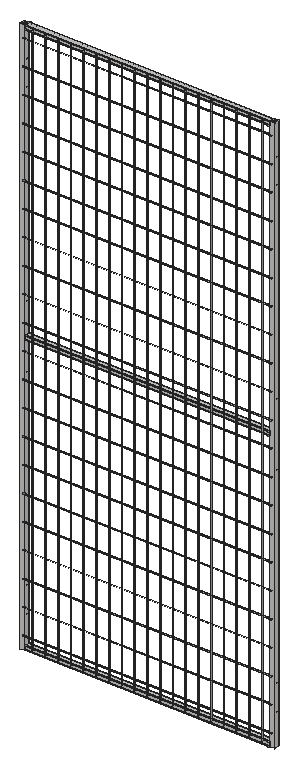
Revit family "Walls_Other_Troax_Separator_UR-300", category Furniture, Revit 2017
Family settings
  OmniClass Number = 23.25.40.00
  OmniClass Title = Space Division Products
  Work Plane-Based = No
  Always vertical = Yes
  Cut with Voids When Loaded = No
  Shared = No
  Room Calculation Point = No
Parameters (values of type "Mesh Panel UR 300 1000mm")
  WarrantyStartDate [instance] = "n/a"
  WarrantyGuarantorParts = "n/a"
  WarrantyGuarantorLabor = "n/a"
  WarrantyDurationUnit = "Year"
  WarrantyDurationParts = "n/a"
  WarrantyDurationLabor = "n/a"
  WarrantyDescription = "n/a"
  WallType = ur300 1000 : ur300 1000
  WallPanelMainMaterial = Steel, Carbon
  VersionDate = "01/07/2020"  # constant formula
  Version = "1"  # constant formula
  Uniclass2015Reference = "Pr_25_71_57_60"
  Uniclass2015Description = "Partition panels"
  Uniclass2 = "Pr_25_71_57_60"
  URL = "https://www.troax.com/warehouse-partitioning/warehouse-partitions-and-industrial-partitions#qt-related-product-index=1"
  Type Comments = ""
  TagNumber [instance] = "n/a"
  SustainabilityPerformance = "n/a"
  Size = "21x2200x1000 mm"
  Shape = "Sculptured"
  SerialNumber [instance] = "n/a"
  Revision = "2"  # constant formula
  ReplacementCost = "n/a"
  ProductInformation = "The UR300 panel system from Troax is a light-duty, modular mesh system that is suitable for creating added storage within a well protected environment. The system is ideal for creating inner partioning walls or roof within a secure storage application when used in conjunction with the Troax UX 350 & 450 panels."
  ProductDatasheet = "https://www.troax.com/sites/all/files/files/troax_-_ur_300_pp_-_2013-09-25_0.pdf"
  NominalWidth = 1000 mm
  NominalHeight = 2200 mm
  NominalDepth = 21 mm
  Name = "Troax_Separator_UR-300_1000"
  NBSReference = "45-35-80/420"
  NBSDescription = "Panel partitions"
  ModelReference = "n/a"
  ModelNumber = "n/a"
  Material = "Carbon steel"
  ManufacturerURL = "https://www.troax.com/gb"
  ManufacturerName = "Troax"
  Model = "Mesh Panel UR 300 1000mm"
  Manufacturer = "Troax"
  MainColor = "Grey"
  InstallationDate [instance] = "n/a"
  IfcExportType = "FENCE"  # constant formula
  IfcExportAs = "IfcSystemFurnitureElementTypePanel"  # constant formula
  HasOpening = yes
  Grade = "n/a"
  FurniturePanelType = ""
  Finish = "Powder coated as standard with a grey RAL 7037 finish. However other RAL colors are available upon request. Panels can also be supplied hot dip galvanized for external use or in cold storage areas."
  Features = "Mesh panels can be modified on-site to fit any space; panels are constructed with a tubular welded frame that provides added strength; the system is fully demountable and relocatable"
  ExpectedLife = "n/a"
  DurationUnit = "Year"
  Description = "Troax Classic is an excellent choice of mesh partition for storage spaces in apartment buildings, cellars and attics that already have exterior protection or where there is a low risk of tampering. The mesh panels allow light and air to pass freely, and the opportunity to \"see around the corner\" gives a sense of security. It is also possible to quickly detect and extinguish any fires directly through the mesh partitions. The threshold-less door system is based on the same leaf as Troax Medium."
  Cost = 0
  ConvergoRefNr = "0054-1811-0005-SE"
  Constituents = "Cut profile: various length to use after cut height on site; End profile UR/UX L=2200 to use after cut panel length on site; U-profile UR 19x19x2200 various length to use after cut on site"
  Color = "Grey"
  CodePerformance = "n/a"
  Barcode [instance] = "n/a"
  AssetIdentifier [instance] = "n/a"
  Category = "Mesh partitions"
  Brand = "Troax"
  BIMObjectName = "Walls_Other_Troax_Separator_UR-300"  # constant formula
  Author = "Convergo AB"  # constant formula
  AssetType = "Fixed"
  AccessibilityPerformance = "n/a"
Types (8, lengths in mm): name | WallType | Size | NominalWidth | NominalDepth | Name | ManufacturerURL | Model | ConvergoRefNr
  (no name) | ur300 1000 : ur300 1000 | "21x2200x1000 mm" | 1000 | 21 | "Troax_Separator_UR-300_1000" | "https://www.troax.com/gb" | "Mesh Panel UR 300 1000mm" | "0054-1811-0005-SE"
  Mesh Panel UR 300 200mm | ur300 200 : ur300 200 | "21x2200x200 mm" | 200 | 21 | "Troax_Separator_UR-300_200" | "https://www.troax.com/gb" | "Mesh Panel UR 300 200mm" | "0054-1811-0001-SE"
  Mesh Panel UR 300 300mm | ur300 300 : ur300 300 | "21x2200x300 mm" | 300 | 21 | "Troax_Separator_UR-300_300" | "https://www.troax.com/gb" | "Mesh Panel UR 300 300mm" | "0054-1811-0002-SE"
  Mesh Panel UR 300 700mm | ur300 700 : ur300 700 | "21x2200x700 mm" | 700 | 21 | "Troax_Separator_UR-300_700" | "https://www.troax.com/" | "Mesh Panel UR 300 700mm" | "0054-1811-0003-SE"
  Mesh Panel UR 300 800mm | ur300 800 : ur300 800 | "21x2200x800 mm" | 800 | 21 | "Troax_Separator_UR-300_800" | "https://www.troax.com/gb" | "Mesh Panel UR 300 800mm" | "0054-1811-0004-SE"
  Mesh Panel UR 300 1000mm | ur300 1000 : ur300 1000 | "21x2200x1000 mm" | 1000 | 21 | "Troax_Separator_UR-300_1000" | "https://www.troax.com/gb" | "Mesh Panel UR 300 1000mm" | "0054-1811-0005-SE"
  Mesh Panel UR 300 1200mm | ur300 1200 : ur300 1200 | "21x2200x1200 mm" | 1200 | 21 | "Troax_Separator_UR-300_1200" | "https://www.troax.com/gb" | "Mesh Panel UR 300 1200mm" | "0054-1811-0006-SE"
  Mesh Panel UR 300 1500mm | ur300 1500 : ur300 1500 | "21x2200x1500 mm" | 1500 | 20.8 | "Troax_Separator_UR-300_1500" | "https://www.troax.com/gb" | "Mesh Panel UR 300 1500mm" | "0054-1811-0007-SE"
Reference planes
  plane 1 "Center (Front/Back)": y = 0
  plane 2: z = 0
  plane 3 "Center (Left/Right)": x = 0
  plane 4: x = -500
  plane 5: x = 500
  plane 6: y = 10.8
  plane 7: y = -10.2
  plane 8: z = 2200
Dimensions and locks
  "NominalDepth": plane 6 to plane 7
  equal spacing: plane 4, plane 3 "Center (Left/Right)", plane 5
  "NominalWidth": plane 4 to plane 5
  "NominalHeight": plane 8 to level
  aligned and locked: level to plane 2
Nested families
  nested 1: "ur300 1000" at (0, 0.05, 0), type <- "WallType", MeshMaterial <- "WallPanelMainMaterial", type "ur300 1000"
    with MeshMaterial Steel, Carbon
Definition of nested family "ur300 1000"
  Parameters (values of type "ur300 1000")
    MeshMaterial [instance] = none
  Reference planes
    plane 1 "Center (Front/Back)": y = 0
    plane 2: z = 0
    plane 3 "Center (Left/Right)": x = 0
    plane 4: x = 500
    plane 5: x = -500
    plane 6: y = 10.75
    plane 7: y = -10
    plane 8: z = 2200
  Forms (mm)
    Extrusion 1, solid, material <- "MeshMaterial", detail levels medium+fine
      sketch origin (0, 0.7, 0) x (1, 0, 0) y (0, 1, 0)
        loop
          circle (-50, -9.45) r 1.25
        loop
          circle (0, -9.45) r 1.25
        loop
          circle (50, -9.45) r 1.25
        loop
          circle (-100, -9.45) r 1.25
        loop
          circle (100, -9.45) r 1.25
        loop
          circle (-150, -9.45) r 1.25
        loop
          circle (-200, -9.45) r 1.25
        loop
          circle (-250, -9.45) r 1.25
        loop
          circle (-300, -9.45) r 1.25
        loop
          circle (150, -9.45) r 1.25
        loop
          circle (200, -9.45) r 1.25
        loop
          circle (250, -9.45) r 1.25
        loop
          circle (300, -9.45) r 1.25
        loop
          circle (-350, -9.45) r 1.25
        loop
          circle (350, -9.45) r 1.25
        loop
          circle (-400, -9.45) r 1.25
        loop
          circle (-450, -9.45) r 1.25
        loop
          circle (400, -9.45) r 1.25
        loop
          circle (450, -9.45) r 1.25
      from 10 to 2190
    Extrusion 2, solid, material <- "MeshMaterial", detail levels medium+fine
      sketch origin (0, 0.7, 0) x (0, 1, 0) y (0, 0, 1)
        loop
          arc (-9.75, 2150) -> (-7.709, 2149.032) -> (-8.25, 2151.225) r 1.25
          arc (-8.25, 2151.225) -> (-9.291, 2150.968) -> (-9.75, 2150) r 1.25
        loop
          arc (-9.75, 2050) -> (-7.709, 2049.032) -> (-8.25, 2051.225) r 1.25
          arc (-8.25, 2051.225) -> (-9.291, 2050.968) -> (-9.75, 2050) r 1.25
        loop
          arc (-9.75, 1950) -> (-7.709, 1949.032) -> (-8.25, 1951.225) r 1.25
          arc (-8.25, 1951.225) -> (-9.291, 1950.968) -> (-9.75, 1950) r 1.25
        loop
          arc (-9.75, 1850) -> (-7.709, 1849.032) -> (-8.25, 1851.225) r 1.25
          arc (-8.25, 1851.225) -> (-9.291, 1850.968) -> (-9.75, 1850) r 1.25
        loop
          arc (-9.75, 1750) -> (-7.709, 1749.032) -> (-8.25, 1751.225) r 1.25
          arc (-8.25, 1751.225) -> (-9.291, 1750.968) -> (-9.75, 1750) r 1.25
        loop
          arc (-9.75, 1650) -> (-7.709, 1649.032) -> (-8.25, 1651.225) r 1.25
          arc (-8.25, 1651.225) -> (-9.291, 1650.968) -> (-9.75, 1650) r 1.25
        loop
          arc (-9.75, 1550) -> (-7.709, 1549.032) -> (-8.25, 1551.225) r 1.25
          arc (-8.25, 1551.225) -> (-9.291, 1550.968) -> (-9.75, 1550) r 1.25
        loop
          arc (-9.75, 1450) -> (-7.709, 1449.032) -> (-8.25, 1451.225) r 1.25
          arc (-8.25, 1451.225) -> (-9.291, 1450.968) -> (-9.75, 1450) r 1.25
        loop
          arc (-9.75, 1350) -> (-7.709, 1349.032) -> (-8.25, 1351.225) r 1.25
          arc (-8.25, 1351.225) -> (-9.291, 1350.968) -> (-9.75, 1350) r 1.25
        loop
          arc (-9.75, 1250) -> (-7.709, 1249.032) -> (-8.25, 1251.225) r 1.25
          arc (-8.25, 1251.225) -> (-9.291, 1250.968) -> (-9.75, 1250) r 1.25
        loop
          arc (-9.75, 1150) -> (-7.709, 1149.032) -> (-8.25, 1151.225) r 1.25
          arc (-8.25, 1151.225) -> (-9.291, 1150.968) -> (-9.75, 1150) r 1.25
        loop
          arc (-9.75, 1050) -> (-7.709, 1049.032) -> (-8.25, 1051.225) r 1.25
          arc (-8.25, 1051.225) -> (-9.291, 1050.968) -> (-9.75, 1050) r 1.25
        loop
          arc (-9.75, 950) -> (-7.709, 949.032) -> (-8.25, 951.225) r 1.25
          arc (-8.25, 951.225) -> (-9.291, 950.968) -> (-9.75, 950) r 1.25
        loop
          arc (-9.75, 850) -> (-7.709, 849.032) -> (-8.25, 851.225) r 1.25
          arc (-8.25, 851.225) -> (-9.291, 850.968) -> (-9.75, 850) r 1.25
        loop
          arc (-9.75, 750) -> (-7.709, 749.032) -> (-8.25, 751.225) r 1.25
          arc (-8.25, 751.225) -> (-9.291, 750.968) -> (-9.75, 750) r 1.25
        loop
          arc (-9.75, 650) -> (-7.709, 649.032) -> (-8.25, 651.225) r 1.25
          arc (-8.25, 651.225) -> (-9.291, 650.968) -> (-9.75, 650) r 1.25
        loop
          arc (-9.75, 550) -> (-7.709, 549.032) -> (-8.25, 551.225) r 1.25
          arc (-8.25, 551.225) -> (-9.291, 550.968) -> (-9.75, 550) r 1.25
        loop
          arc (-9.75, 450) -> (-7.709, 449.032) -> (-8.25, 451.225) r 1.25
          arc (-8.25, 451.225) -> (-9.291, 450.968) -> (-9.75, 450) r 1.25
        loop
          arc (-9.75, 350) -> (-7.709, 349.032) -> (-8.25, 351.225) r 1.25
          arc (-8.25, 351.225) -> (-9.291, 350.968) -> (-9.75, 350) r 1.25
        loop
          arc (-9.75, 250) -> (-7.709, 249.032) -> (-8.25, 251.225) r 1.25
          arc (-8.25, 251.225) -> (-9.291, 250.968) -> (-9.75, 250) r 1.25
        loop
          arc (-9.75, 150) -> (-7.709, 149.032) -> (-8.25, 151.225) r 1.25
          arc (-8.25, 151.225) -> (-9.291, 150.968) -> (-9.75, 150) r 1.25
        loop
          arc (-9.75, 50) -> (-7.709, 49.032) -> (-8.25, 51.225) r 1.25
          arc (-8.25, 51.225) -> (-9.291, 50.968) -> (-9.75, 50) r 1.25
      from -490 to 490
    Extrusion 3, solid, material <- "MeshMaterial", detail levels medium+fine
      sketch origin (-400, 0, 0) x (1, 0, 0) y (0, 1, 0)
        loop
          line (-100, 9.45) -> (-100, -6.95)
          arc (-100, -6.95) -> (-99.619, -7.869) -> (-98.7, -8.25) r 1.3
          line (-98.7, -8.25) -> (-82.3, -8.25)
          arc (-82.3, -8.25) -> (-81.381, -7.869) -> (-81, -6.95) r 1.3
          line (-81, -6.95) -> (-81, 9.45)
          arc (-81, 9.45) -> (-81.381, 10.369) -> (-82.3, 10.75) r 1.3
          line (-82.3, 10.75) -> (-98.7, 10.75)
          arc (-98.7, 10.75) -> (-99.619, 10.369) -> (-100, 9.45) r 1.3
        loop
          line (-82, 9.75) -> (-99, 9.75) -> (-99, -7.25) -> (-82, -7.25) -> (-82, 9.75)
      from 0 to 2200
    Extrusion 4, solid, material <- "MeshMaterial", detail levels medium+fine
      sketch origin (0, 0, -1090.5) x (0, 1, 0) y (0, 0, 1)
        loop
          line (9.45, 2200) -> (-7.05, 2200)
          arc (-7.05, 2200) -> (-8.263, 2198.25) -> (-7.05, 2196.5) r 1.869
          line (-7.05, 2196.5) -> (-7.05, 2184.5)
          arc (-7.05, 2184.5) -> (-8.251, 2182.75) -> (-7.05, 2181) r 1.875
          line (-7.05, 2181) -> (9.45, 2181)
          arc (9.45, 2181) -> (10.369, 2181.381) -> (10.75, 2182.3) r 1.3
          line (10.75, 2182.3) -> (10.75, 2198.7)
          arc (10.75, 2198.7) -> (10.369, 2199.619) -> (9.45, 2200) r 1.3
        loop
          line (9.75, 2182) -> (9.75, 2199) -> (-6.05, 2199) -> (-6.05, 2182) -> (9.75, 2182)
      from -481 to 481
    Extrusion 5, solid, material <- "MeshMaterial", detail levels medium+fine
      sketch origin (0, 0, 0) x (0, 1, 0) y (0, 0, 1)
        loop
          line (9.45, 2200) -> (-7.05, 2200)
          arc (-7.05, 2200) -> (-8.263, 2198.25) -> (-7.05, 2196.5) r 1.869
          line (-7.05, 2196.5) -> (-7.05, 2184.5)
          arc (-7.05, 2184.5) -> (-8.251, 2182.75) -> (-7.05, 2181) r 1.875
          line (-7.05, 2181) -> (9.45, 2181)
          arc (9.45, 2181) -> (10.369, 2181.381) -> (10.75, 2182.3) r 1.3
          line (10.75, 2182.3) -> (10.75, 2198.7)
          arc (10.75, 2198.7) -> (10.369, 2199.619) -> (9.45, 2200) r 1.3
        loop
          line (9.75, 2182) -> (9.75, 2199) -> (-6.05, 2199) -> (-6.05, 2182) -> (9.75, 2182)
      from -481 to 481
    Extrusion 6, solid, material <- "MeshMaterial", detail levels medium+fine
      sketch origin (0, 0, -2181) x (0, 1, 0) y (0, 0, 1)
        loop
          line (9.45, 2200) -> (-7.05, 2200)
          arc (-7.05, 2200) -> (-8.263, 2198.25) -> (-7.05, 2196.5) r 1.869
          line (-7.05, 2196.5) -> (-7.05, 2184.5)
          arc (-7.05, 2184.5) -> (-8.251, 2182.75) -> (-7.05, 2181) r 1.875
          line (-7.05, 2181) -> (9.45, 2181)
          arc (9.45, 2181) -> (10.369, 2181.381) -> (10.75, 2182.3) r 1.3
          line (10.75, 2182.3) -> (10.75, 2198.7)
          arc (10.75, 2198.7) -> (10.369, 2199.619) -> (9.45, 2200) r 1.3
        loop
          line (9.75, 2182) -> (9.75, 2199) -> (-6.05, 2199) -> (-6.05, 2182) -> (9.75, 2182)
      from -481 to 481
    Extrusion 7, solid, material <- "MeshMaterial", detail levels coarse
      sketch origin (0, 0, 0) x (1, 0, 0) y (0, 1, 0)
        loop
          line (-500, -10) -> (500, -10) -> (500, 10.75) -> (-500, 10.75) -> (-500, -10)
      from 0 to 2200
    Extrusion 8, solid, material <- "MeshMaterial", detail levels medium+fine
      sketch origin (400, 0, 0) x (-1, 0, 0) y (0, -1, 0)
        loop
          arc (-100, -9.45) -> (-99.619, -10.369) -> (-98.7, -10.75) r 1.3
          line (-98.7, -10.75) -> (-82.3, -10.75)
          arc (-82.3, -10.75) -> (-81.381, -10.369) -> (-81, -9.45) r 1.3
          line (-81, -9.45) -> (-81, 6.95)
          arc (-81, 6.95) -> (-81.381, 7.869) -> (-82.3, 8.25) r 1.3
          line (-82.3, 8.25) -> (-98.7, 8.25)
          arc (-98.7, 8.25) -> (-99.619, 7.869) -> (-100, 6.95) r 1.3
          line (-100, 6.95) -> (-100, -9.45)
        loop
          line (-82, -9.75) -> (-82, 7.25) -> (-99, 7.25) -> (-99, -9.75) -> (-82, -9.75)
      from 0 to 2200
    Extrusion 9, void
      sketch origin (0, 0, 0) x (0, 1, 0) y (0, 0, 1)
        loop
          circle (1.25, 2075) r 5
        loop
          circle (1.25, 1975) r 5
        loop
          circle (1.25, 1225) r 5
        loop
          circle (1.25, 975) r 5
        loop
          circle (1.25, 225) r 5
        loop
          circle (1.25, 125) r 5
      from -1949.263 to 1680.383
  Cuts and joins
    Extrusion 9 cuts Extrusion 3
    Extrusion 9 cuts Extrusion 8
  Lines and regions (mm)
    symbolic lines, detail levels fine
      curve 1: line (-500, 9.45, 0) -> (-500, -6.95, 0)
      curve 2: arc (-498.7, 10.75, 0) -> (-499.619, 10.369, 0) -> (-500, 9.45, 0) r 1.3
      curve 3: line (-482.3, 10.75, 0) -> (-498.7, 10.75, 0)
      curve 4: arc (-481, 9.45, 0) -> (-481.381, 10.369, 0) -> (-482.3, 10.75, 0) r 1.3
      curve 5: line (-481, 9.45, 0) -> (-481, 10.75, 0)
      curve 6: arc (-500, -6.95, 0) -> (-499.619, -7.869, 0) -> (-498.7, -8.25, 0) r 1.3
      curve 7: line (-498.7, -8.25, 0) -> (-490, -8.25, 0)
      curve 8: line (-490, -9.05, 0) -> (-451.225, -9.05, 0)
      curve 9: arc (-51.225, -9.05, 0) -> (-50.001, -10, 0) -> (-48.776, -9.053, 0) r 1.265
      curve 10: line (-48.776, -9.053, 0) -> (-1.224, -9.053, 0)
      curve 11: arc (-1.224, -9.053, 0) -> (0, -10, 0) -> (1.224, -9.053, 0) r 1.265
      curve 12: line (500, 9.45, 0) -> (500, -6.95, 0)
      curve 13: arc (498.7, 10.75, 0) -> (499.619, 10.369, 0) -> (500, 9.45, 0) r 1.3
      curve 14: line (482.3, 10.75, 0) -> (498.7, 10.75, 0)
      curve 15: arc (481, 9.45, 0) -> (481.381, 10.369, 0) -> (482.3, 10.75, 0) r 1.3
      curve 16: line (481, 9.45, 0) -> (481, 10.75, 0)
      curve 17: arc (500, -6.95, 0) -> (499.619, -7.869, 0) -> (498.7, -8.25, 0) r 1.3
      curve 18: line (498.7, -8.25, 0) -> (490, -8.25, 0)
      curve 19: line (490, -9.05, 0) -> (451.225, -9.05, 0)
      curve 20: arc (51.225, -9.05, 0) -> (50.001, -10, 0) -> (48.776, -9.053, 0) r 1.265
      curve 21: line (48.776, -9.053, 0) -> (1.224, -9.053, 0)
      curve 22: line (-481, 10.75, 0) -> (481, 10.75, 0)
      curve 23: line (-499, -7.25, 0) -> (-499, 9.75, 0)
      curve 24: line (-499, 9.75, 0) -> (-482, 9.75, 0)
      curve 25: line (-482, 9.75, 0) -> (-482, -7.25, 0)
      curve 26: line (-482, -7.25, 0) -> (-499, -7.25, 0)
      curve 27: line (-490, -8.25, 0) -> (-482.3, -8.25, 0)
      curve 28: arc (-482.3, -8.25, 0) -> (-481.381, -7.869, 0) -> (-481, -6.95, 0) r 1.3
      curve 29: line (-481, -6.95, 0) -> (-481, 9.45, 0)
      curve 30: line (482, -7.25, 0) -> (482, 9.75, 0)
      curve 31: line (482, 9.75, 0) -> (499, 9.75, 0)
      curve 32: line (499, 9.75, 0) -> (499, -7.25, 0)
      curve 33: line (499, -7.25, 0) -> (482, -7.25, 0)
      curve 34: line (481, 9.45, 0) -> (481, -7, 0)
      curve 35: arc (481, -7, 0) -> (481.366, -7.884, 0) -> (482.25, -8.25, 0) r 1.25
      curve 36: line (490, -8.25, 0) -> (482.25, -8.25, 0)
      curve 37: arc (98.775, -9.05, 0) -> (99.999, -10, 0) -> (101.224, -9.053, 0) r 1.265
      curve 38: line (98.775, -9.05, 0) -> (51.225, -9.05, 0)
      curve 39: arc (-98.775, -9.05, 0) -> (-99.999, -10, 0) -> (-101.224, -9.053, 0) r 1.265
      curve 40: line (-98.775, -9.05, 0) -> (-51.225, -9.05, 0)
      curve 41: arc (-151.225, -9.05, 0) -> (-150.001, -10, 0) -> (-148.776, -9.053, 0) r 1.265
      curve 42: line (-148.776, -9.053, 0) -> (-101.224, -9.053, 0)
      curve 43: arc (-198.775, -9.05, 0) -> (-199.999, -10, 0) -> (-201.224, -9.053, 0) r 1.265
      curve 44: line (-198.775, -9.05, 0) -> (-151.225, -9.05, 0)
      curve 45: arc (-251.225, -9.05, 0) -> (-250.001, -10, 0) -> (-248.776, -9.053, 0) r 1.265
      curve 46: line (-248.776, -9.053, 0) -> (-201.224, -9.053, 0)
      curve 47: arc (-298.775, -9.05, 0) -> (-300, -10, 0) -> (-301.225, -9.05, 0) r 1.265
      curve 48: line (-298.775, -9.05, 0) -> (-251.225, -9.05, 0)
      curve 49: arc (151.225, -9.05, 0) -> (150.001, -10, 0) -> (148.776, -9.053, 0) r 1.265
      curve 50: line (148.776, -9.053, 0) -> (101.224, -9.053, 0)
      curve 51: arc (198.775, -9.05, 0) -> (199.999, -10, 0) -> (201.224, -9.053, 0) r 1.265
      curve 52: line (198.775, -9.05, 0) -> (151.225, -9.05, 0)
      curve 53: arc (251.225, -9.05, 0) -> (250.001, -10, 0) -> (248.776, -9.053, 0) r 1.265
      curve 54: line (248.776, -9.053, 0) -> (201.224, -9.053, 0)
      curve 55: arc (298.775, -9.05, 0) -> (300, -10, 0) -> (301.225, -9.05, 0) r 1.265
      curve 56: line (298.775, -9.05, 0) -> (251.225, -9.05, 0)
      curve 57: arc (-348.775, -9.05, 0) -> (-350, -10, 0) -> (-351.225, -9.05, 0) r 1.265
      curve 58: line (-348.775, -9.05, 0) -> (-301.225, -9.05, 0)
      curve 59: arc (348.775, -9.05, 0) -> (350, -10, 0) -> (351.225, -9.05, 0) r 1.265
      curve 60: line (348.775, -9.05, 0) -> (301.225, -9.05, 0)
      curve 61: arc (-398.775, -9.05, 0) -> (-400, -10, 0) -> (-401.225, -9.05, 0) r 1.265
      curve 62: line (-398.775, -9.05, 0) -> (-351.225, -9.05, 0)
      curve 63: arc (-448.775, -9.05, 0) -> (-450, -10, 0) -> (-451.225, -9.05, 0) r 1.265
      curve 64: line (-448.775, -9.05, 0) -> (-401.225, -9.05, 0)
      curve 65: arc (398.775, -9.05, 0) -> (400, -10, 0) -> (401.225, -9.05, 0) r 1.265
      curve 66: line (398.775, -9.05, 0) -> (351.225, -9.05, 0)
      curve 67: arc (448.775, -9.05, 0) -> (450, -10, 0) -> (451.225, -9.05, 0) r 1.265
      curve 68: line (448.775, -9.05, 0) -> (401.225, -9.05, 0)
      curve 69: line (-490, -8.25, 0) -> (-490, -9.05, 0)
      curve 70: line (490, -8.25, 0) -> (490, -9.05, 0)
      curve 71: line (-490, -7.25, 0) -> (-490, -6.45, 0)
      curve 72: line (-490, -6.45, 0) -> (-482, -6.45, 0)
      curve 73: line (-481, -8.25, 0) -> (481, -8.25, 0)
      curve 74: line (-481, -6.95, 0) -> (-481, -8.25, 0)
      curve 75: line (481, -7, 0) -> (481, -8.25, 0)
      curve 76: line (490, -7.25, 0) -> (490, -6.45, 0)
      curve 77: line (490, -6.45, 0) -> (482, -6.45, 0)
      curve 78: arc (-451.146, -8.25, 0) -> (-451.246, -8.645, 0) -> (-451.213, -9.05, 0) r 1.25
      curve 79: arc (-401.146, -8.25, 0) -> (-401.246, -8.645, 0) -> (-401.213, -9.05, 0) r 1.25
      curve 80: arc (-398.854, -8.25, 0) -> (-398.754, -8.645, 0) -> (-398.787, -9.05, 0) r 1.25
      curve 81: arc (-351.146, -8.25, 0) -> (-351.246, -8.645, 0) -> (-351.213, -9.05, 0) r 1.25
      curve 82: arc (-348.854, -8.25, 0) -> (-348.754, -8.645, 0) -> (-348.787, -9.05, 0) r 1.25
      curve 83: arc (-301.146, -8.25, 0) -> (-301.246, -8.645, 0) -> (-301.213, -9.05, 0) r 1.25
      curve 84: arc (-298.854, -8.25, 0) -> (-298.754, -8.645, 0) -> (-298.787, -9.05, 0) r 1.25
      curve 85: arc (-251.146, -8.25, 0) -> (-251.246, -8.645, 0) -> (-251.213, -9.05, 0) r 1.25
      curve 86: arc (-248.854, -8.25, 0) -> (-248.754, -8.645, 0) -> (-248.787, -9.05, 0) r 1.25
      curve 87: arc (-201.146, -8.25, 0) -> (-201.246, -8.645, 0) -> (-201.213, -9.05, 0) r 1.25
      curve 88: arc (-198.854, -8.25, 0) -> (-198.754, -8.645, 0) -> (-198.787, -9.05, 0) r 1.25
      curve 89: arc (-151.146, -8.25, 0) -> (-151.246, -8.645, 0) -> (-151.213, -9.05, 0) r 1.25
      curve 90: arc (-148.854, -8.25, 0) -> (-148.754, -8.645, 0) -> (-148.787, -9.05, 0) r 1.25
      curve 91: arc (-101.146, -8.25, 0) -> (-101.246, -8.645, 0) -> (-101.213, -9.05, 0) r 1.25
      curve 92: arc (-98.854, -8.25, 0) -> (-98.754, -8.645, 0) -> (-98.787, -9.05, 0) r 1.25
      curve 93: arc (-51.146, -8.25, 0) -> (-51.246, -8.645, 0) -> (-51.213, -9.05, 0) r 1.25
      curve 94: arc (-48.854, -8.25, 0) -> (-48.754, -8.645, 0) -> (-48.787, -9.05, 0) r 1.25
      curve 95: arc (-1.146, -8.25, 0) -> (-1.246, -8.645, 0) -> (-1.213, -9.05, 0) r 1.25
      curve 96: arc (1.146, -8.25, 0) -> (1.246, -8.645, 0) -> (1.213, -9.05, 0) r 1.25
      curve 97: arc (48.854, -8.25, 0) -> (48.754, -8.645, 0) -> (48.787, -9.05, 0) r 1.25
      curve 98: arc (51.146, -8.25, 0) -> (51.246, -8.645, 0) -> (51.213, -9.05, 0) r 1.25
      curve 99: arc (98.854, -8.25, 0) -> (98.754, -8.645, 0) -> (98.787, -9.05, 0) r 1.25
      curve 100: arc (101.146, -8.25, 0) -> (101.246, -8.645, 0) -> (101.213, -9.05, 0) r 1.25
      curve 101: arc (148.854, -8.25, 0) -> (148.754, -8.645, 0) -> (148.787, -9.05, 0) r 1.25
      curve 102: arc (151.146, -8.25, 0) -> (151.246, -8.645, 0) -> (151.213, -9.05, 0) r 1.25
      curve 103: arc (198.854, -8.25, 0) -> (198.754, -8.645, 0) -> (198.787, -9.05, 0) r 1.25
      curve 104: arc (201.146, -8.25, 0) -> (201.246, -8.645, 0) -> (201.213, -9.05, 0) r 1.25
      curve 105: arc (248.854, -8.25, 0) -> (248.754, -8.645, 0) -> (248.787, -9.05, 0) r 1.25
      curve 106: arc (251.146, -8.25, 0) -> (251.246, -8.645, 0) -> (251.213, -9.05, 0) r 1.25
      curve 107: arc (298.854, -8.25, 0) -> (298.754, -8.645, 0) -> (298.787, -9.05, 0) r 1.25
      curve 108: arc (301.146, -8.25, 0) -> (301.246, -8.645, 0) -> (301.213, -9.05, 0) r 1.25
      curve 109: arc (348.854, -8.25, 0) -> (348.754, -8.645, 0) -> (348.787, -9.05, 0) r 1.25
      curve 110: arc (351.146, -8.25, 0) -> (351.246, -8.645, 0) -> (351.213, -9.05, 0) r 1.25
      curve 111: arc (398.854, -8.25, 0) -> (398.754, -8.645, 0) -> (398.787, -9.05, 0) r 1.25
      curve 112: arc (401.146, -8.25, 0) -> (401.246, -8.645, 0) -> (401.213, -9.05, 0) r 1.25
      curve 113: arc (448.854, -8.25, 0) -> (448.754, -8.645, 0) -> (448.787, -9.05, 0) r 1.25
      curve 114: arc (451.146, -8.25, 0) -> (451.246, -8.645, 0) -> (451.213, -9.05, 0) r 1.25
      curve 115: arc (-448.854, -8.25, 0) -> (-448.754, -8.645, 0) -> (-448.787, -9.05, 0) r 1.25
      curve 128: line (0, -8.25, 2190) -> (0, -8.25, 10)
      curve 129: arc (0, 6.25, 2075) -> (0, 1.25, 2080) -> (0, -3.75, 2075) r 5
      curve 130: arc (0, -3.75, 2075) -> (0, 1.25, 2070) -> (0, 6.25, 2075) r 5
      curve 131: arc (0, 6.25, 1975) -> (0, 1.25, 1980) -> (0, -3.75, 1975) r 5
      curve 132: arc (0, -3.75, 1975) -> (0, 1.25, 1970) -> (0, 6.25, 1975) r 5
      curve 133: arc (0, 6.25, 1225) -> (0, 1.25, 1230) -> (0, -3.75, 1225) r 5
      curve 134: arc (0, -3.75, 1225) -> (0, 1.25, 1220) -> (0, 6.25, 1225) r 5
      curve 135: arc (0, -3.75, 975) -> (0, 1.25, 970) -> (0, 6.25, 975) r 5
      curve 136: arc (0, 6.25, 975) -> (0, 1.25, 980) -> (0, -3.75, 975) r 5
      curve 137: arc (0, 6.25, 225) -> (0, 1.25, 230) -> (0, -3.75, 225) r 5
      curve 138: arc (0, -3.75, 225) -> (0, 1.25, 220) -> (0, 6.25, 225) r 5
      curve 139: arc (0, 6.25, 125) -> (0, 1.25, 130) -> (0, -3.75, 125) r 5
      curve 140: arc (0, -3.75, 125) -> (0, 1.25, 120) -> (0, 6.25, 125) r 5
      curve 141: arc (0, -8.25, 51.146) -> (0, -9, 50) -> (0, -8.25, 48.854) r 1.25
      curve 142: arc (0, -8.25, 101.146) -> (0, -9, 100) -> (0, -8.25, 98.854) r 1.25
      curve 143: arc (0, -8.25, 151.146) -> (0, -9, 150) -> (0, -8.25, 148.854) r 1.25
      curve 144: arc (0, -8.25, 201.146) -> (0, -9, 200) -> (0, -8.25, 198.854) r 1.25
      curve 145: arc (0, -8.25, 251.146) -> (0, -9, 250) -> (0, -8.25, 248.854) r 1.25
      curve 146: arc (0, -8.25, 301.146) -> (0, -9, 300) -> (0, -8.25, 298.854) r 1.25
      curve 147: arc (0, -8.25, 351.146) -> (0, -9, 350) -> (0, -8.25, 348.854) r 1.25
      curve 148: arc (0, -8.25, 401.146) -> (0, -9, 400) -> (0, -8.25, 398.854) r 1.25
      curve 149: arc (0, -8.25, 451.146) -> (0, -9, 450) -> (0, -8.25, 448.854) r 1.25
      curve 150: arc (0, -8.25, 501.146) -> (0, -9, 500) -> (0, -8.25, 498.854) r 1.25
      curve 151: arc (0, -8.25, 551.146) -> (0, -9, 550) -> (0, -8.25, 548.854) r 1.25
      curve 152: arc (0, -8.25, 601.146) -> (0, -9, 600) -> (0, -8.25, 598.854) r 1.25
      curve 153: arc (0, -8.25, 651.146) -> (0, -9, 650) -> (0, -8.25, 648.854) r 1.25
      curve 154: arc (0, -8.25, 701.146) -> (0, -9, 700) -> (0, -8.25, 698.854) r 1.25
      curve 155: arc (0, -8.25, 751.146) -> (0, -9, 750) -> (0, -8.25, 748.854) r 1.25
      curve 156: arc (0, -8.25, 801.146) -> (0, -9, 800) -> (0, -8.25, 798.854) r 1.25
      curve 157: arc (0, -8.25, 851.146) -> (0, -9, 850) -> (0, -8.25, 848.854) r 1.25
      curve 158: arc (0, -8.25, 901.146) -> (0, -9, 900) -> (0, -8.25, 898.854) r 1.25
      curve 159: arc (0, -8.25, 951.146) -> (0, -9, 950) -> (0, -8.25, 948.854) r 1.25
      curve 160: arc (0, -8.25, 1001.146) -> (0, -9, 1000) -> (0, -8.25, 998.854) r 1.25
      curve 161: arc (0, -8.25, 1051.146) -> (0, -9, 1050) -> (0, -8.25, 1048.854) r 1.25
      curve 162: arc (0, -8.25, 1151.146) -> (0, -9, 1150) -> (0, -8.25, 1148.854) r 1.25
      curve 163: arc (0, -8.25, 1201.146) -> (0, -9, 1200) -> (0, -8.25, 1198.854) r 1.25
      curve 164: arc (0, -8.25, 1251.146) -> (0, -9, 1250) -> (0, -8.25, 1248.854) r 1.25
      curve 165: arc (0, -8.25, 1301.146) -> (0, -9, 1300) -> (0, -8.25, 1298.854) r 1.25
      curve 166: arc (0, -8.25, 1351.146) -> (0, -9, 1350) -> (0, -8.25, 1348.854) r 1.25
      curve 167: arc (0, -8.25, 1401.146) -> (0, -9, 1400) -> (0, -8.25, 1398.854) r 1.25
      curve 168: arc (0, -8.25, 1451.146) -> (0, -9, 1450) -> (0, -8.25, 1448.854) r 1.25
      curve 169: arc (0, -8.25, 1501.146) -> (0, -9, 1500) -> (0, -8.25, 1498.854) r 1.25
      curve 170: arc (0, -8.25, 1551.146) -> (0, -9, 1550) -> (0, -8.25, 1548.854) r 1.25
      curve 171: arc (0, -8.25, 1601.146) -> (0, -9, 1600) -> (0, -8.25, 1598.854) r 1.25
      curve 172: arc (0, -8.25, 1701.146) -> (0, -9, 1700) -> (0, -8.25, 1698.854) r 1.25
      curve 173: arc (0, -8.25, 1751.146) -> (0, -9, 1750) -> (0, -8.25, 1748.854) r 1.25
      curve 174: arc (0, -8.25, 1801.146) -> (0, -9, 1800) -> (0, -8.25, 1798.854) r 1.25
      curve 175: arc (0, -8.25, 1851.146) -> (0, -9, 1850) -> (0, -8.25, 1848.854) r 1.25
      curve 176: arc (0, -8.25, 1901.146) -> (0, -9, 1900) -> (0, -8.25, 1898.854) r 1.25
      curve 177: arc (0, -8.25, 1951.146) -> (0, -9, 1950) -> (0, -8.25, 1948.854) r 1.25
      curve 178: arc (0, -8.25, 2001.146) -> (0, -9, 2000) -> (0, -8.25, 1998.854) r 1.25
      curve 179: arc (0, -8.25, 2051.146) -> (0, -9, 2050) -> (0, -8.25, 2048.854) r 1.25
      curve 180: arc (0, -8.25, 2101.146) -> (0, -9, 2100) -> (0, -8.25, 2098.854) r 1.25
      curve 181: arc (0, -8.25, 2151.146) -> (0, -9, 2150) -> (0, -8.25, 2148.854) r 1.25
      curve 182: arc (0, -8.25, 1651.146) -> (0, -9, 1650) -> (0, -8.25, 1648.854) r 1.25
      curve 187: line (-481, 0, 3.5) -> (481, 0, 3.5)
      curve 188: line (-481, 0, 48.75) -> (-481, 0, 0)
      curve 189: line (-481, 0, 2196.5) -> (481, 0, 2196.5)
      curve 190: line (481, 0, 2200) -> (481, 0, 0)
      curve 191: line (-481, 0, 2200) -> (-481, 0, 0)
      curve 192: line (-481, 0, 2181) -> (481, 0, 2181)
      curve 193: line (-481, 0, 2184.5) -> (481, 0, 2184.5)
      curve 194: line (-450, 0, 2190) -> (-450, 0, 10)
      curve 195: line (-400, 0, 2190) -> (-400, 0, 10)
      curve 196: line (-350, 0, 2190) -> (-350, 0, 10)
      curve 197: line (-300, 0, 2190) -> (-300, 0, 10)
      curve 198: line (-250, 0, 2190) -> (-250, 0, 10)
      curve 199: line (-200, 0, 2190) -> (-200, 0, 10)
      curve 200: line (-150, 0, 2190) -> (-150, 0, 10)
      curve 201: line (-100, 0, 2190) -> (-100, 0, 10)
      curve 202: line (-50, 0, 2190) -> (-50, 0, 10)
      curve 203: line (450, 0, 2190) -> (450, 0, 10)
      curve 204: line (400, 0, 2190) -> (400, 0, 10)
      curve 205: line (350, 0, 2190) -> (350, 0, 10)
      curve 206: line (300, 0, 2190) -> (300, 0, 10)
      curve 207: line (250, 0, 2190) -> (250, 0, 10)
      curve 208: line (200, 0, 2190) -> (200, 0, 10)
      curve 209: line (150, 0, 2190) -> (150, 0, 10)
      curve 210: line (100, 0, 2190) -> (100, 0, 10)
      curve 211: line (50, 0, 2190) -> (50, 0, 10)
      curve 212: line (0, 0, 2190) -> (0, 0, 10)
      curve 213: line (481, 0, 15.5) -> (-481, 0, 15.5)
      curve 214: line (481, 0, 19) -> (-481, 0, 19)
      curve 215: line (-490, 0, 50) -> (490, 0, 50)
      curve 216: line (481, 0, 1109.5) -> (-481, 0, 1109.5)
      curve 217: line (481, 0, 1106) -> (-481, 0, 1106)
      curve 218: line (-481, 0, 1094) -> (481, 0, 1094)
      curve 219: line (-481, 0, 1090.5) -> (481, 0, 1090.5)
      curve 220: line (-490, 0, 150) -> (490, 0, 150)
      curve 221: line (-490, 0, 250) -> (490, 0, 250)
      curve 222: line (-490, 0, 350) -> (490, 0, 350)
      curve 223: line (-490, 0, 450) -> (490, 0, 450)
      curve 224: line (-490, 0, 550) -> (490, 0, 550)
      curve 225: line (-490, 0, 650) -> (490, 0, 650)
      curve 226: line (-490, 0, 750) -> (490, 0, 750)
      curve 227: line (-490, 0, 850) -> (490, 0, 850)
      curve 228: line (-490, 0, 950) -> (490, 0, 950)
      curve 229: line (-490, 0, 1050) -> (490, 0, 1050)
      curve 230: line (-490, 0, 1150) -> (490, 0, 1150)
      curve 231: line (-490, 0, 1250) -> (490, 0, 1250)
      curve 232: line (-490, 0, 1350) -> (490, 0, 1350)
      curve 233: line (-490, 0, 1450) -> (490, 0, 1450)
      curve 234: line (-490, 0, 1550) -> (490, 0, 1550)
      curve 235: line (-490, 0, 1650) -> (490, 0, 1650)
      curve 236: line (-490, 0, 1750) -> (490, 0, 1750)
      curve 237: line (-490, 0, 1850) -> (490, 0, 1850)
      curve 238: line (-490, 0, 1950) -> (490, 0, 1950)
      curve 239: line (-490, 0, 2050) -> (490, 0, 2050)
      curve 240: line (-490, 0, 2150) -> (490, 0, 2150)
    symbolic lines, detail levels medium
      curve 116: line (-500, 10.75, 0) -> (500, 10.75, 0)
      curve 117: line (-500, -10, 0) -> (-500, 10.75, 0)
      curve 118: line (500, -10, 0) -> (-500, -10, 0)
      curve 119: line (500, 10.75, 0) -> (500, -10, 0)
    symbolic lines, detail levels medium+fine
      curve 120: line (0, 10.75, 2200) -> (0, 10.75, 0)
      curve 121: line (0, 10.75, 0) -> (0, -8.25, 0)
      curve 122: line (0, -8.25, 0) -> (0, -8.25, 10)
      curve 123: line (0, -8.25, 10) -> (0, -10, 10)
      curve 124: line (0, -10, 10) -> (0, -10, 2190)
      curve 125: line (0, -10, 2190) -> (0, -8.25, 2190)
      curve 126: line (0, -8.25, 2190) -> (0, -8.25, 2200)
      curve 127: line (0, -8.25, 2200) -> (0, 10.75, 2200)
      curve 183: line (-500, 0, 2200) -> (500, 0, 2200)
      curve 184: line (-500, 0, 0) -> (-500, 0, 2200)
      curve 185: line (500, 0, 0) -> (-500, 0, 0)
      curve 186: line (500, 0, 2200) -> (500, 0, 0)
  Dimensions and locks
    aligned and locked: level to plane 2
